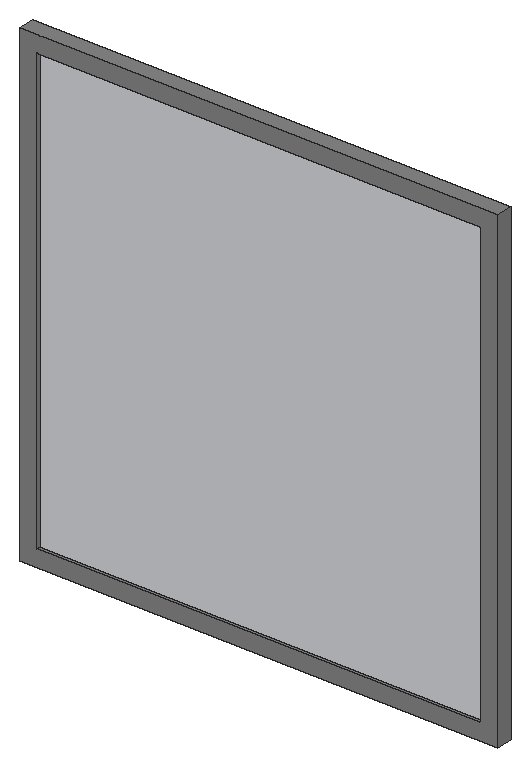
Revit family "20.3 Глухая торцевая панель ANR P0", category Оборудование, Revit 2016
Family settings
  Тип детали = Нормальный
  Размер круглого соединителя = Использовать диаметр
  На основе рабочей плоскости = Нет
  Всегда вертикально = Да
  При загрузке вырезать с полостями = Нет
  Общий = Нет
  Точка расчета площади = Нет
Parameters (values of type "ANR 6 P0")
  Ширина = А - 2 * Р  # 950.6 mm
  Середина = Б / 2  # 247.5 mm
  Р = А * 0.0247  # 24.7 mm
  Д1 = Д - 20 mm  # 130 mm
  Д = 150 mm  # constant formula
  ножки(да/нет) [instance] = no
  Высота = Б - 2 * Р  # 445.6 mm
  Б3 = Б2 - 20 mm  # 1080 mm
  Б2 = 1100 mm
  А3 = А2 - 20 mm  # 1080 mm
  А2 = 1100 mm
  А = 1000 mm
  Б = 495 mm
  Частотный преобразователь [instance] = no
  Частота вращения n, об/мин = ""
  Тип, марка, обозначение = "ANR 6 P0"
  Сила тока J, А = ""
  Регулятор расхода [instance] = no
  Раздел = "ОВ"
  Примечание = ""
  Позиция = ""
  Напряжение U,В = ""
  Наименование и тех.хар-ка = "Глухая торцевая панель"  # constant formula
  Мощность двигателя N,Вт = ""
  Материал = Сталь серая
  Масса единицы = ""
  Код, оборудования = ""
  Ключевая пометка = "Вентиляция"
  Задание электрикам [instance] = no
  Задание автоматчикам [instance] = no
  Завод изготовитель = "KORF"  # constant formula
  Единица измерения = "шт."  # constant formula
Types (8, lengths in mm): name | Ширина | Середина | Р | Высота | Б3 | Б2 | А3 | А2 | А | Б | Тип, марка, обозначение
  ANR 6 P0 | 950.6 | 247.5 | 24.7 | 445.6 | 1080 | 1100 | 1080 | 1100 | 1000 | 495 | "ANR 6 P0"
  ANR 7 P0 | 950.6 | 347.5 | 24.7 | 645.6 | 1300 | 1320 | 1080 | 1100 | 1000 | 695 | "ANR 7 P0"
  ANR 8 P0 | 1159.732 | 347.5 | 30.134 | 634.732 | 1300 | 1320 | 1300 | 1320 | 1220 | 695 | "ANR 8 P0"
  ANR 12 P0 | 1269.051 | 405 | 32.974 | 744.051 | 1415 | 1435 | 1415 | 1435 | 1335 | 810 | "ANR 12 P0"
  ANR 20 P0 | 1482.936 | 517.5 | 38.532 | 957.936 | 1640 | 1660 | 1640 | 1660 | 1560 | 1035 | "ANR 20 P0"
  ANR 25 P0 | 1848.917 | 710 | 48.041 | 1323.917 | 2025 | 2045 | 2025 | 2045 | 1945 | 1420 | "ANR 25 P0"
  ANR 30 P0 | 2267.181 | 710 | 58.91 | 1302.181 | 2025 | 2045 | 2465 | 2485 | 2385 | 1420 | "ANR 30 P0"
  ANR 35 P0 | 2267.181 | 930 | 58.91 | 1742.181 | 2465 | 2485 | 2465 | 2485 | 2385 | 1860 | "ANR 35 P0"
Reference planes
  plane 1 "По центру (Вперед/Назад)": y = 0
  plane 2: z = 0
  plane 3 "По центру (Влево/Вправо)": x = 0
  plane 4: z = 10
  plane 5: x = -540
  plane 6: z = 1090
  plane 7: x = 540
  plane 8: z = 550
  plane 9: y = -23.5
  plane 10: y = -28.5
Forms (mm)
  Extrusion 1, void, not visible
    sketch origin (-345, -245, 50) x (0, -1, 0) y (0, 0, -1)
      loop
        line (-477.965, -475) -> (-477.965, -450) -> (-528.913, -450) -> (-528.913, -475) -> (-477.965, -475)
    from -47.452 to 12
  Extrusion 2, solid, detail levels fine
    sketch origin (0, 0, 0) x (1, 0, 0) y (0, 0, 1)
      loop
        line (-540, 1090) -> (-540, 10) -> (540, 10) -> (540, 1090) -> (-540, 1090)
    from 23.5 to 28.5
  Sweep 3, solid, material "Сталь серая" <- "Материал", detail levels fine
    path in 3D
      loop
        line (-540, -28.5, 1090) -> (-540, -28.5, 10) -> (540, -28.5, 10) -> (540, -28.5, 1090) -> (-540, -28.5, 1090)
    profile "Профиль уголок 10х10 : Профиль уголок 10х10" origin (0, -28.5, 1090) x (0, -1, 0) y (0, 0, 1)
      loop
        line (-27.5, 0) -> (0, 0) -> (0, -27.5) -> (10, -27.5) -> (10, 10) -> (-27.5, 10) -> (-27.5, 0)
Lines and regions (mm)
  sketch lines
    curve 1: line (540, -28.5, 1090) -> (-540, -28.5, 1090)
    curve 2: line (540, -28.5, 10) -> (540, -28.5, 1090)
    curve 3: line (-540, -28.5, 1090) -> (-540, -28.5, 10)
    curve 4: line (-540, -28.5, 10) -> (540, -28.5, 10)
  model lines, detail levels medium
    curve 5: line (0, -14.75, 1090) -> (0, -14.75, 0)
  model lines, detail levels coarse
    curve 6: line (-550, -1, 0) -> (550, -1, 0)
    curve 7: line (-550, -38.5, 0) -> (-550, -1, 0)
    curve 8: line (550, -38.5, 0) -> (-550, -38.5, 0)
    curve 9: line (550, -1, 0) -> (550, -38.5, 0)
Dimensions and locks
  locked: plane 4 to level at 10
  equal spacing: plane 6, plane 8, plane 4
  "Б3": plane 6 to plane 4
  equal spacing: plane 5, plane 3 "По центру (Влево/Вправо)", plane 7
  "А3": plane 5 to plane 7
  locked: plane 9 to plane 1 "По центру (Вперед/Назад)" at 23.5
  locked: plane 9 to plane 10 at 5
  aligned and locked: level to plane 2
  aligned and locked: Extrusion 2 to plane 6
  aligned and locked: plane 5 to Extrusion 2
  aligned and locked: plane 7 to Extrusion 2
  aligned and locked: Extrusion 2 to plane 4
  aligned and locked: Extrusion 2 to plane 10
  aligned and locked: plane 9 to Extrusion 2
  aligned and locked: level to curve 5
  aligned and locked: plane 6 to curve 5
  aligned and locked: curve 6 to Sweep 3
  aligned and locked: curve 7 to Sweep 3
  aligned and locked: curve 8 to Sweep 3
  aligned and locked: curve 9 to Sweep 3
Automatic sketch dimensions
  Extrusion 2 sketch curve to plane 5 = 0 mm
  Extrusion 2 sketch curve to plane 7 = 0 mm
  plane 4 to Extrusion 2 sketch curve = 0 mm
  Extrusion 2 sketch curve to plane 6 = 0 mm
  Extrusion 1 sketch curve to Extrusion 1 sketch curve = 50.949 mm
  Extrusion 1 sketch curve to Extrusion 1 sketch curve = 25 mm
  plane 9 to curve 5 = 8.75 mm
Nested families
  nested 1: "крепление 15мм" at (-330, 229.965, 495), type "крепление 15мм", not visible
Definition of nested family "крепление 15мм"
  Parameters (values of type "крепление 15мм")
    Материал крепления = none
  Reference planes
    plane 1 "По центру (Вперед/Назад)": y = 0
    plane 2: z = 0
    plane 3 "По центру (Влево/Вправо)": x = 0
  Forms (mm)
    Extrusion 1, solid, material <- "Материал крепления"
      sketch origin (0, 0, 0) x (1, 0, 0) y (0, 1, 0)
        loop
          line (-25, 0) -> (0, 0) -> (0, 18.31) -> (0, 25) -> (-3, 25) -> (-3, 3) -> (-25, 3) -> (-25, 0)
      from 0 to 30
    Extrusion 2, void
      sketch origin (0, 0, 0) x (1, 0, 0) y (0, 1, 0)
        loop
          line (-3, 3) -> (-3, 54.96) -> (-58, 54.96) -> (-58, 3) -> (-3, 3)
      from 0 to 15
  Cuts and joins
    Extrusion 2 cuts Extrusion 1
  Dimensions and locks
    Extrusion 1 sketch curve to Extrusion 1 sketch curve = 3 mm  (x2)
    Extrusion 1 sketch curve to Extrusion 1 sketch curve to plane 3 "По центру (Влево/Вправо)" = 25 mm, 0 mm
    Extrusion 1 sketch curve to Extrusion 1 sketch curve = 25 mm
    aligned and locked: level to plane 2
